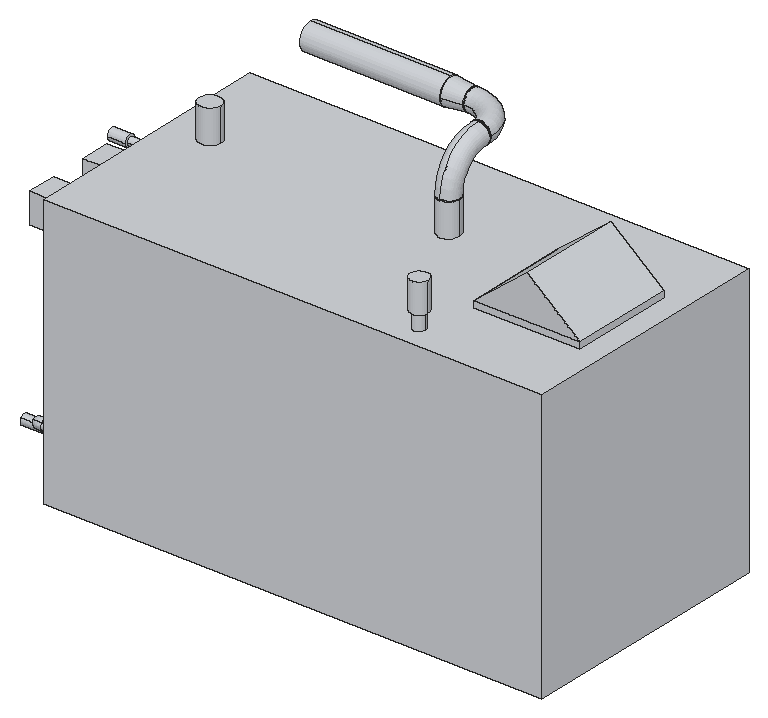
Revit family "AMP_BFIT 2000 Water Heater 1", category Mechanical Equipment, Revit 2021
Family settings
  Round Connector Dimension = Use Diameter
  Part Type = Normal
  OmniClass Number = 23.75.00.00
  OmniClass Title = Climate Control (HVAC)
  Work Plane-Based = No
  Always vertical = Yes
  Cut with Voids When Loaded = No
  Shared = No
  Room Calculation Point = No
Parameters (values of type "AMP/BFIT 2000 Water Heater")
  Width = 34 1/4"
  Length = 66 1/8"
  Height = 36 1/8"
  Voltage = ""
  Vent = "8\" EZ Vent"
  Manufacturer = "Bryan Steam"  # constant formula
  Hydronic Supply = "3\" Victaulic"
  Hydronic Return = "2-1/2\" Victaulic"
  Gas Train = "1-1/4\" NPT"
  Default Elevation = 0"
  Condensate Trap = "1\" Pipe"
  Boiler Drain = "3/4\" NPT"
  Air Supply = "8\""
Reference planes (in)
  plane 1 "Center (Front/Back)": y = 0
  plane 2: z = 0
  plane 3 "Center (Left/Right)": x = 0
  plane 4 "Vent": y = 3.75
  plane 5 "Condensate Trap": y = -12
  plane 6 "Supply 2.5" Victualic Elbow Style 10": x = 3.9725
  plane 7 "3" Supply Manifold": z = 45.625
  plane 8 "3" Supply Elbow Victaulic Style 10": y = 14
  plane 9 "Condensate Height": z = 5.75
  plane 10 "Condensate Angle": through (0, -12, 5.75) normal (0, -0.6203, -0.7843)
Forms (in)
  Extrusion 1, solid
    sketch origin (0, 0, 0) x (1, 0, 0) y (0, 1, 0)
      loop
        line (-33.0625, 17.125) -> (-33.0625, -17.125) -> (33.0625, -17.125) -> (33.0625, 17.125) -> (-33.0625, 17.125)
    from 0 to 36.125
  Extrusion 2, solid
    sketch origin (0, 0, 36.125) x (1, 0, 0) y (0, 1, 0)
      loop
        line (15.9665, 6.875) -> (15.9665, -7.125) -> (30.0625, -7.125) -> (30.0625, 6.875) -> (15.9665, 6.875)
    from 0 to 0.85156
  Extrusion 3, solid
    sketch origin (30.0625, -7.125, 36.125) x (-1, 0, 0) y (0, 0, -1)
      loop
        line (14.096, -0.85156) -> (0, -0.85156) -> (7.048, -6.57727) -> (14.096, -0.85156)
    from 0 to -14
  Extrusion 4, solid
    sketch origin (0, 0, 36.125) x (1, 0, 0) y (0, 1, 0)
      loop
        circle (-27.6875, 3.75) r 1.4375
      loop
        circle (3.9725, 3.75) r 1.4375
    from 0 to 4.375
  Extrusion 5, solid
    sketch origin (-33.0625, -17.125, 0) x (0, 1, 0) y (0, 0, -1)
      loop
        circle (28.125, -11.125) r 3.9375
      loop
        circle (28.125, -11.125) r 3.71875
    from 0 to 6.25
  SweptBlend 6, solid
    path origin (0, 0, 45.625) x (1, 0, 0) y (0, 1, 0)
      loop
        line (-1.1525, 12.75286) -> (-3.9525, 12.75286)
    profile origin (-1.1525, 12.75286, 45.625) x (0, -1, 0) y (0, 0, 1)
      loop
        circle (-1.24714, 0) r 1.42969
    end profile origin (-3.9525, 12.75286, 45.625) x (0, -1, 0) y (0, 0, 1)
      loop
        circle (-1.24714, 0) r 1.75
  Extrusion 7, solid
    sketch origin (-3.9525, 14, 45.625) x (0, 0, -1) y (0, -1, 0)
      loop
        circle (0, -0.00256) r 1.75249
    from 0 to 18.60938
  Extrusion 8, solid
    sketch origin (-33.0625, -17.125, 0) x (0, 1, 0) y (0, 0, -1)
      loop
        line (13.595, -35.9375) -> (13.595, -31.9375) -> (9.595, -31.9375) -> (9.595, -35.9375) -> (13.595, -35.9375)
      loop
        line (4.72, -35.937) -> (4.72, -31.937) -> (0.72, -31.937) -> (0.72, -35.937) -> (4.72, -35.937)
    from 0 to 2.48047
  Revolve 9, solid
    sketch origin (0, 3.75, 0) x (-1, 0, 0) y (0, 0, 1)
      loop
        line (41.5625, 25) -> (41.35211, 29.01449) -> (31.61547, 28.50422) -> (31.82586, 24.48972) -> (41.5625, 25)
      axis (31.82586, 24.48972) -> (41.5625, 25)
    angle from 0 to 360
  Extrusion 10, solid
    sketch origin (-33.0625, -17.125, 0) x (0, 1, 0) y (0, 0, -1)
      loop
        circle (20.875, -32.125) r 0.525
    from 0 to 5.25
  Extrusion 11, solid
    sketch origin (0, 0, 36.125) x (1, 0, 0) y (0, 1, 0)
      loop
        circle (14.1875, -13.875) r 0.83
    from 0 to 2.125
  Extrusion 12, solid
    sketch origin (0, 0, 38.25) x (1, 0, 0) y (0, 1, 0)
      loop
        circle (14.1875, -13.875) r 1.1875
    from 0 to 3.875
  Extrusion 13, solid
    sketch origin (-38.3125, -17.125, 0) x (0, 1, 0) y (0, 0, -1)
      loop
        circle (20.875, -32.125) r 0.75
    from 0 to 2.375
  Sweep 14, solid
    path origin (3.9725, 0, 0) x (0, 1, 0) y (0, 0, 1)
      loop
        line (3.75, 40.5) -> (3.75, 40.625)
        arc (3.75, 40.625) -> (5.21447, 44.16053) -> (8.75, 45.625) r 5
        line (8.75, 45.625) -> (8.875, 45.625)
    profile origin (3.9725, 5.21447, 44.16053) x (0, -0.707107, 0.707107) y (1, 0, 0)
      loop
        circle (0, 0) r 1.4375
  Sweep 15, solid
    path origin (0, 0, 45.625) x (1, 0, 0) y (0, 1, 0)
      loop
        line (3.9725, 8.875) -> (3.9725, 9)
        arc (3.9725, 9) -> (2.50803, 12.53553) -> (-1.0275, 14) r 5
        line (-1.0275, 14) -> (-1.1525, 14)
    profile origin (3.9725, 8.9375, 45.625) x (-1, 0, 0) y (0, 0, 1)
      loop
        circle (0, 0) r 1.4375
  Sweep 16, solid
    path origin (0, -5.76922, 0.82216) x (0, -0.784343, 0.620327) y (-1, 0, 0)
      loop
        line (7.94517, 33.0625) -> (7.94517, 37)
        arc (7.94517, 37) -> (7.50583, 38.06066) -> (6.44517, 38.5) r 1.5
        line (6.44517, 38.5) -> (3.57017, 38.5)
        arc (3.57017, 38.5) -> (2.50951, 38.93934) -> (2.07017, 40) r 1.5
        line (2.07017, 40) -> (2.07017, 43.4375)
    profile origin (-35.03125, -12.00097, 5.75076) x (0, 0.784343, -0.620327) y (0, -0.620327, -0.784343)
      loop
        circle (0, 0) r 0.6575
  Extrusion 17, solid
    sketch origin (-33.0625, -17.125, 0) x (0, 1, 0) y (0, 0, -1)
      loop
        line (33.9375, -16.9375) -> (33.9375, -5.3125) -> (22.3125, -5.3125) -> (22.3125, -16.9375) -> (33.9375, -16.9375)
    from 0 to 4.625
Dimensions and locks (in)
  "Height": Extrusion 1 to level
  equal spacing: Extrusion 1 sketch curve, plane 3 "Center (Left/Right)", Extrusion 1 sketch curve
  "Length": Extrusion 1 sketch curve to Extrusion 1 sketch curve
  equal spacing: Extrusion 1 sketch curve, plane 1 "Center (Front/Back)", Extrusion 1 sketch curve
  "Width": Extrusion 1 sketch curve to Extrusion 1 sketch curve
  locked: Extrusion 2 sketch curve to Extrusion 1 at 3
  locked: Extrusion 2 sketch curve to Extrusion 2 sketch curve at 14.096
  locked: Extrusion 2 sketch curve to Extrusion 2 sketch curve at 14
  locked: Extrusion 2 sketch curve to Extrusion 1 at 10
  locked: Extrusion 1 to Extrusion 4 sketch curve at 13.375  (x2)
  locked: Extrusion 1 to Extrusion 5 sketch curve at 11.125  (x2)
  locked: Extrusion 1 to Extrusion 5 sketch curve at 6.125
  locked: level to plane 7 "3" Supply Manifold" at 45.625
  locked: SweptBlend 6 sketch curve to SweptBlend 6 sketch curve at 2.8
  plane 3 "Center (Left/Right)" to plane 6 "Supply 2.5" Victualic Elbow Style 10" = 3.9725"
  locked: plane 8 "3" Supply Elbow Victaulic Style 10" to plane 1 "Center (Front/Back)" at 14
  locked: plane 4 "Vent" to plane 1 "Center (Front/Back)" at 3.75
  locked: plane 5 "Condensate Trap" to plane 1 "Center (Front/Back)" at 12
  locked: Extrusion 8 sketch curve to Extrusion 8 sketch curve at 4  (x4)
  locked: Revolve 9 sketch curve to Revolve 9 sketch curve at 4.02
  Extrusion 1 to Extrusion 10 sketch curve = 13 3/8"
  Extrusion 1 to Extrusion 10 sketch curve = 32 1/8"
  locked: Extrusion 1 to Extrusion 4 sketch curve at 5.375
  locked: Extrusion 1 to Extrusion 11 sketch curve at 3.25
  locked: Extrusion 11 sketch curve to Extrusion 1 at 18.875
  locked: Extrusion 12 sketch curve to Extrusion 1 at 18.875
  locked: Extrusion 1 to Extrusion 12 sketch curve at 3.25
  locked: Extrusion 1 to Extrusion 13 sketch curve at 4
  locked: Extrusion 1 to Extrusion 13 sketch curve at 13.375
  locked: Extrusion 1 to SweptBlend 6 sketch curve at 3.125  (x2)
  locked: SweptBlend 6 sketch curve to Extrusion 1 at 9.5  (x2)
  locked: Sweep 14 sketch curve to Extrusion 4 at 0.125
  locked: Sweep 14 sketch curve to Extrusion 1 at 8.375
  locked: Sweep 14 sketch curve to Sweep 14 sketch curve at 0.125
  locked: Sweep 15 sketch curve to Sweep 15 sketch curve at 0.125  (x2)
  locked: SweptBlend 6 to Sweep 15 sketch curve
  locked: Sweep 15 sketch curve to Sweep 14 at 0
  locked: plane 9 "Condensate Height" to level at 5.75
  locked: Sweep 16 sketch curve to Extrusion 1 at 5.4375
  locked: Sweep 16 sketch curve to Extrusion 1 at 10.375
  locked: Sweep 16 sketch curve to Sweep 16 sketch curve at 5.875
  locked: Extrusion 17 sketch curve to Extrusion 17 sketch curve at 11.625  (x2)
  Extrusion 1 to Extrusion 17 sketch curve = 5/16"
  locked: Extrusion 17 sketch curve to Extrusion 1 at 5.3125
  diameter of Extrusion 5 sketch curve = 7 7/16"
  diameter of Extrusion 5 sketch curve = 7 7/8"
  diameter of Extrusion 11 sketch curve = 1.66"
  diameter of Extrusion 12 sketch curve = 2 3/8"
  diameter of Extrusion 13 sketch curve = 1 1/2"
  diameter of Sweep 14 sketch curve = 10"
  diameter of Sweep 14 sketch curve = 2 7/8"
  diameter of Sweep 15 sketch curve = 10"
  diameter of Sweep 15 sketch curve = 2 7/8"
  diameter of Sweep 16 sketch curve = 1.315"
  locked: plane 9 "Condensate Height" to plane 10 "Condensate Angle" (angle 38.34°)
  aligned and locked: level to plane 2
Automatic sketch dimensions
  Extrusion 3 sketch curve to Extrusion 2 = 0"  (x3)
  Extrusion 3 sketch curve to Extrusion 2 = 7.048"
  Extrusion 3 sketch curve to Extrusion 2 = 5.72571"
  Extrusion 5 sketch curve to Extrusion 5 sketch curve = 0"
  plane 4 "Vent" to SweptBlend 6 sketch curve = 9.00286"
  Revolve 9 sketch curve to Revolve 9 sketch curve = 5.78139"
  Revolve 9 sketch curve to Revolve 9 sketch curve = 4.32851"
  Revolve 9 sketch curve to Revolve 9 sketch curve = 0.21039"
  Revolve 9 sketch curve to Revolve 9 sketch curve = 0"  (x2)
  Extrusion 4 sketch curve to Extrusion 1 = 29.09"
  Extrusion 1 to Extrusion 8 sketch curve = 0.188"
  Extrusion 8 sketch curve to Extrusion 1 = 0.72"
  Extrusion 1 to Extrusion 8 sketch curve = 3/16"
  Extrusion 8 sketch curve to Extrusion 8 sketch curve = 4 7/8"
  Revolve 9 sketch curve to plane 3 "Center (Left/Right)" = 31.61547"
  Revolve 9 sketch curve to plane 7 "3" Supply Manifold" = 16.61051"
  Revolve 9 sketch curve to Revolve 9 sketch curve = 9.73664"
  SweptBlend 6 sketch curve to plane 3 "Center (Left/Right)" = 3.9525"
  Sweep 14 sketch curve to Sweep 14 sketch curve = 1/8"
  Sweep 14 sketch curve to plane 6 "Supply 2.5" Victualic Elbow Style 10" = 0"
  Sweep 14 sketch curve to profile plane = 0"
  Sweep 15 sketch curve to plane 7 "3" Supply Manifold" = 0"
  Sweep 15 sketch curve to profile plane = 0"
  Sweep 16 sketch curve to plane 3 "Center (Left/Right)" = 40"
  Sweep 16 sketch curve to Sweep 16 sketch curve = 2 7/8"
  Sweep 16 sketch curve to Sweep 16 sketch curve = 3 15/16"
  plane 10 "Condensate Angle" to Sweep 16 sketch curve = 0"
  Sweep 16 sketch curve to profile plane = 0"
  radius of Extrusion 7 sketch curve = 1.75249"
  radius of SweptBlend 6 sketch curve = 1 55/128"
  radius of SweptBlend 6 sketch curve = 1 3/4"
  radius of Extrusion 4 sketch curve = 1 7/16"  (x2)
  radius of Extrusion 10 sketch curve = 0.525"
Connectors (in)
  piping at (-27.6875, 3.75, 40.5), diameter 2.5
    settings: on Extrusion 4, index 2, connector inside diameter 24", connector length 0", flow factor 0, pipe flow 0 GPM, pressure drop 0.00 psi, fitting loss kfactor 0, connector angle 0.00°, fixture units 0, engagement length 0", angle of deflection 0.00°, flow configuration 0, flow direction 1, fitting loss method 0, system type 8, joint type 0, gender type 0, connector reference index -1, connector utility 0, adjustable connector no, is connector primary yes, connector description ""
  piping at (-39.3125, 11, 11.125), diameter 8
    settings: on Extrusion 5, index 4, connector inside diameter 24", connector length 0", flow factor 0, pipe flow 0 GPM, pressure drop 0.00 psi, fitting loss kfactor 0, connector angle 0.00°, fixture units 0, engagement length 0", angle of deflection 0.00°, flow configuration 0, flow direction 1, fitting loss method 0, system type 22, joint type 0, gender type 0, connector reference index -1, connector utility 0, adjustable connector no, is connector primary no, connector description ""
  piping at (-41.5625, 3.75, 25), diameter 8
    settings: on Revolve 9, index 5, connector inside diameter 24", connector length 0", flow factor 0, pipe flow 0 GPM, pressure drop 0.00 psi, fitting loss kfactor 0, connector angle 0.00°, fixture units 0, engagement length 0", angle of deflection 0.00°, flow configuration 0, flow direction 2, fitting loss method 0, system type 17, joint type 0, gender type 0, connector reference index -1, connector utility 0, adjustable connector no, is connector primary no, connector description ""
  piping at (-22.56187, 14.00256, 45.625), diameter 3
    settings: on Extrusion 7, index 8, connector inside diameter 24", connector length 0", flow factor 0, pipe flow 0 GPM, pressure drop 0.00 psi, fitting loss kfactor 0, connector angle 0.00°, fixture units 0, engagement length 0", angle of deflection 0.00°, flow configuration 0, flow direction 2, fitting loss method 0, system type 7, joint type 0, gender type 0, connector reference index -1, connector utility 0, adjustable connector no, is connector primary no, connector description ""
  piping at (14.1875, -13.875, 42.125), diameter 1.25
    settings: on Extrusion 12, index 10, connector inside diameter 24", connector length 0", flow factor 0, pipe flow 0 GPM, pressure drop 0.00 psi, fitting loss kfactor 0, connector angle 0.00°, fixture units 0, engagement length 0", angle of deflection 0.00°, flow configuration 0, flow direction 1, fitting loss method 0, system type 22, joint type 0, gender type 0, connector reference index -1, connector utility 0, adjustable connector no, is connector primary no, connector description ""
  piping at (-40.6875, 3.75, 32.125), diameter 0.75
    settings: on Extrusion 13, index 11, connector inside diameter 24", connector length 0", flow factor 0, pipe flow 0 GPM, pressure drop 0.00 psi, fitting loss kfactor 0, connector angle 0.00°, fixture units 0, engagement length 0", angle of deflection 0.00°, flow configuration 0, flow direction 2, fitting loss method 0, system type 22, joint type 0, gender type 0, connector reference index -1, connector utility 0, adjustable connector no, is connector primary no, connector description ""
  piping at (-43.4375, -7.39295, 2.10634), diameter 1
    settings: on Sweep 16, index 12, connector inside diameter 24", connector length 0", flow factor 0, pipe flow 0 GPM, pressure drop 0.00 psi, fitting loss kfactor 0, connector angle 0.00°, fixture units 0, engagement length 0", angle of deflection 0.00°, flow configuration 0, flow direction 2, fitting loss method 0, system type 22, joint type 0, gender type 0, connector reference index -1, connector utility 0, adjustable connector no, is connector primary no, connector description ""
